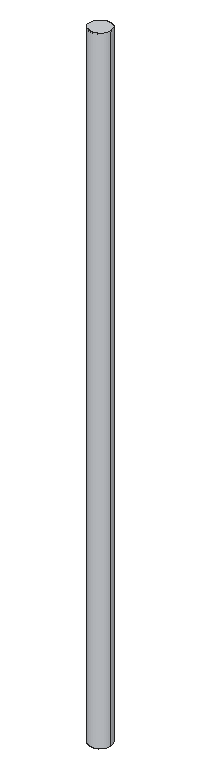
Revit family "欄杆 - 圓形1", category 欄杆, Revit 2014
Parameters (values of type "30 mm 2")
  built-in parameter 1008623 [instance] = (empty or 0)
  關鍵註記 = "05720"
  built-in parameter 1008625 [instance] = (empty or 0)
  半徑 = 寬度 / 2  # 15 mm
  支柱材料 = none
  寬度 = 30 mm
  Post = yes
  built-in parameter 1008624 [instance] = (empty or 0)
  built-in parameter 1008622 [instance] = 915 mm
  Assembly Code = ""
Reference planes
  plane 1 "中心 (前/後)": y = 0
  plane 2: z = 0
  plane 3 "中心 (左/右)": x = 0
  plane 4 "頂部": z = 915
Forms (mm)
  Extrusion 1, solid, material <- "支柱材料"
    sketch origin (0, 0, 0) x (1, 0, 0) y (0, 1, 0)
      loop
        circle (0, 0) r 15
    from 0 to 915
Dimensions and locks
  "built-in parameter 1008622": plane 2 to plane 4 "頂部"
  "半徑": radius of Extrusion 1 sketch curve
  aligned and locked: Extrusion 1 to level
  aligned and locked: Extrusion 1 to plane 4 "頂部"
Automatic sketch dimensions
  plane 1 "中心 (前/後)" to Extrusion 1 sketch curve = 0 mm
  Extrusion 1 sketch curve to plane 3 "中心 (左/右)" = 0 mm
